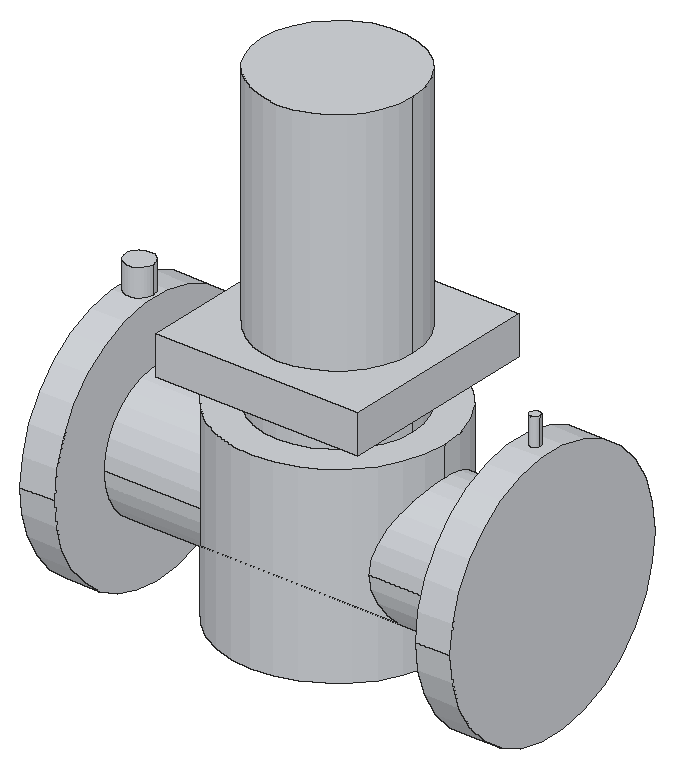
Revit family "PV_Compact_PN25_DN150_(20-100kPa)_RFA_2019", category Pipe Accessories, Revit 2019
Family settings
  Round Connector Dimension = Use Diameter
  Part Type = Valve - Breaks Into
  Work Plane-Based = No
  Always vertical = Yes
  Cut with Voids When Loaded = No
  Shared = No
Parameters (values of type "PV Compact PN25 DN150 (20-100kPa)")
  magiProductId = "9089b5560db447c5b770287446c8b2"
  magiProductFamilyId = "7c5767a2a396495b8f1e69654734b4"
  magiPartTypeId = 304
  isMeasuringValve [instance] = no
  ang2D [instance] = 0.00°
  W2D = 50 mm
  VersionID = "2.0/2018.12.13.2/FRESE_PV_COMPACT_BIG_Q13_001"
  Use Minimum Symbol Size [instance] = no
  URL = "www.hydronic.cz"
  Type Comments = "PŘÍRUBOVÝ; PN25; dpmax=1000kPa; -10~+110°C"
  R4 = 84 mm
  R3 = 74.1 mm
  R1 = 120 mm
  QmdConnectorList = "301;D;302;D"
  Productdata [instance] = ""
  Manufacturer = "Hydronic Systems Prague s.r.o."
  Maintenance Zone Under Depth [instance] = 100 mm
  Maintenance Zone Right Depth [instance] = 100 mm
  Maintenance Zone Over Depth [instance] = 100 mm
  Maintenance Zone Left Depth [instance] = 100 mm
  Maintenance Zone Front Depth [instance] = 100 mm
  Maintenance Zone Back Depth [instance] = 100 mm
  Maintenance Zone Front Visibility [instance] = no
  MC Use Limits From Balancing Method = no
  MC Throttling Minimum Value = 0
  MC Throttling Maximum Value = 0
  MC Product Code = "53-3335 DN150 PN25; nastavitelný rozsah dp=20~100kPa; Q=28,0~112 m3/h;  kvs=250"
  MC Pressure Drop Minimum Value = 0.0 Pa
  MC Pressure Drop Maximum Value = 0.0 Pa
  MC Piping Given Pressure Drop [instance] = 0.0 Pa
  LF__ve = -LF  # -38.4 mm
  LF2 = 19.2 mm
  LF = 38.4 mm
  L4 = 225.6 mm
  L3 = 403.2 mm
  L2D_Min = 30.48 mm
  L2D = 230 mm
  L2 = 240 mm
  H6 = 256.25 mm
  H4 = 42.75 mm
  H3 = 35.625 mm
  H2 = 106.875 mm
  H1 = 213.75 mm
  Description = "Nastavitelný regulátor tlakové diference"
  DF2 = 142.5 mm
  D = 150 mm
  Clearance Zone Height Depth [instance] = 100 mm
  Clearance Zone Circular Radius [instance] = 240 mm
  Clearance Zone Visibility [instance] = no
  CAT0 = yes
Types (7, lengths in mm): name | magiProductId | Type Comments | R4 | R3 | R1 | MC Product Code | LF__ve | LF2 | LF | L4 | L3 | L2 | H6 | H4 | H3 | H2 | H1 | DF2 | D | Clearance Zone Circular Radius
  PV Compact PN25 DN050 (20-100kPa) | "c83fbc6219d94d148ccf13b963e54b" | "PŘÍRUBOVÝ; PN25; dpmax=1000kPa; -10~+120°C" | 40.25 | 42.9 | 57.5 | "53-3320 DN050 PN25; nastavitelný rozsah dp=20~100kPa; Q=3,2~13,0 m3/h;  kvs=29" | -18.4 | 9.2 | 18.4 | 108.1 | 193.2 | 115 | 82.25 | 24.75 | 20.625 | 61.875 | 123.75 | 82.5 | 50 | 115
  PV Compact PN25 DN065 (20-100kPa) | "130d70b5f9404660882d0b277b908a" | "PŘÍRUBOVÝ; PN25; dpmax=1000kPa; -10~+120°C" | 50.75 | 48.1 | 72.5 | "53-3323 DN065 PN25; nastavitelný rozsah dp=20~100kPa; Q=4,7~18,8 m3/h;  kvs=42" | -23.2 | 11.6 | 23.2 | 136.3 | 243.6 | 145 | 105.25 | 27.75 | 23.125 | 69.375 | 138.75 | 92.5 | 65 | 145
  PV Compact PN25 DN080 (20-100kPa) | "a1826ed98cb744f2bf0249353d27a7" | "PŘÍRUBOVÝ; PN25; dpmax=1000kPa; -10~+120°C" | 54.25 | 52 | 77.5 | "53-3326 DN080 PN25; nastavitelný rozsah dp=20~100kPa; Q=7,5~30,0 m3/h;  kvs=67" | -24.8 | 12.4 | 24.8 | 145.7 | 260.4 | 155 | 141 | 30 | 25 | 75 | 150 | 100 | 80 | 155
  PV Compact PN25 DN100 (20-100kPa) | "7cf36ffc9d0642d6874cd3d421d477" | "PŘÍRUBOVÝ; PN25; dpmax=1000kPa; -10~+120°C" | 61.25 | 61.1 | 87.5 | "53-3329 DN100 PN25; nastavitelný rozsah dp=20~100kPa; Q=12,9~51,4 m3/h;  kvs=115" | -28 | 14 | 28 | 164.5 | 294 | 175 | 234.75 | 35.25 | 29.375 | 88.125 | 176.25 | 117.5 | 100 | 175
  PV Compact PN25 DN125 (20-100kPa) | "79fb1938054147a099bb761cc75d0a" | "PŘÍRUBOVÝ; PN25; dpmax=1000kPa; -10~+120°C" | 70 | 70.2 | 100 | "53-3332 DN125 PN25; nastavitelný rozsah dp=20~100kPa; Q=19,0~76,0 m3/h;  kvs=170" | -32 | 16 | 32 | 188 | 336 | 200 | 225.5 | 40.5 | 33.75 | 101.25 | 202.5 | 135 | 125 | 200
  PV Compact PN25 DN150 (20-100kPa) | "9089b5560db447c5b770287446c8b2" | "PŘÍRUBOVÝ; PN25; dpmax=1000kPa; -10~+110°C" | 84 | 74.1 | 120 | "53-3335 DN150 PN25; nastavitelný rozsah dp=20~100kPa; Q=28,0~112 m3/h;  kvs=250" | -38.4 | 19.2 | 38.4 | 225.6 | 403.2 | 240 | 256.25 | 42.75 | 35.625 | 106.875 | 213.75 | 142.5 | 150 | 240
  PV Compact PN25 DN200 (20-100kPa) | "21d4a96559b243fabb2a9fe74f4fa1" | "PŘÍRUBOVÝ; PN25; dpmax=1000kPa; -10~+110°C" | 105 | 98.8 | 150 | "53-3338 DN200 PN25; nastavitelný rozsah dp=20~100kPa; Q=30,7~123 m3/h;  kvs=275" | -48 | 24 | 48 | 282 | 504 | 300 | 150 | 57 | 47.5 | 142.5 | 285 | 190 | 200 | 300
Reference planes
  plane 1 "Center (Front/Back)": y = 0
  plane 2 "XYPLANE": z = 0
  plane 3 "Center (Left/Right)": x = 0
  plane 4 "257": y = -142.5
  plane 5 "256": y = 142.5
  plane 6 "255": z = -142.5
  plane 7 "254": y = -242.5
  plane 8 "253": y = 242.5
  plane 9 "252": x = -340
  plane 10 "251": x = 340
  plane 11 "250": z = 541.5
  plane 12 "249": z = -242.5
  plane 13 "248": z = 541.5
  plane 14 "247": z = 441.5
  plane 15 "157": x = 220.8
  plane 16 "156": x = -220.8
  plane 17 "155": z = 142.5
  plane 18 "154": z = 185.25
  plane 19 "153": z = 142.5
  plane 20 "152": z = 106.875
  plane 21 "151": x = -201.6
  plane 22 "150": z = -106.875
  plane 23 "149": x = 0
  plane 24 "148": y = 0
  plane 25 "147": z = 0
  plane 26 "146": x = -240
  plane 27 "145": x = 240
Forms (mm)
  Blend 1, solid, visible <- "Maintenance Zone Front Visibility"
    base sketch origin (-750, 0, -242.5) x (1, 0, 0) y (0, 1, 0)
      loop
        line (410, 242.5) -> (410, -242.5) -> (1090, -242.5) -> (1090, 242.5) -> (410, 242.5)
    top sketch origin (-750, 0, -242.5) x (1, 0, 0) y (0, 1, 0)
      loop
        line (410, 242.5) -> (410, -242.5) -> (1090, -242.5) -> (1090, 242.5) -> (410, 242.5)
    from 0 to 784
  Blend 2, solid, visible <- "Clearance Zone Visibility"
    base sketch origin (-750, 0, 0) x (1, 0, 0) y (0, 1, 0)
      loop
        circle (750, 0) r 240
    top sketch origin (-750, 0, 0) x (1, 0, 0) y (0, 1, 0)
      loop
        circle (750, 0) r 240
    from 0 to 541.5
  Extrusion 3, solid, visible <- "CAT0"
    sketch origin (-750, 0, 142.5) x (1, 0, 0) y (0, 1, 0)
      loop
        circle (970.8, 0) r 5.5
    from 0 to 30
  Extrusion 4, solid, visible <- "CAT0"
    sketch origin (-750, 0, 142.5) x (1, 0, 0) y (0, 1, 0)
      loop
        circle (529.2, 0) r 15.5
    from 0 to 30
  Extrusion 5, solid
    sketch origin (-750, 0, 185.25) x (1, 0, 0) y (0, 1, 0)
      loop
        circle (750, 0) r 84
    from 0 to 256.25 <- "H6"
  Extrusion 6, solid, visible <- "CAT0"
    sketch origin (-750, 0, 142.5) x (1, 0, 0) y (0, 1, 0)
      loop
        line (862.8, 112.8) -> (637.2, 112.8) -> (637.2, -112.8) -> (862.8, -112.8) -> (862.8, 112.8)
    from 0 to 42.75 <- "H4"
  Extrusion 7, solid, visible <- "CAT0"
    sketch origin (-750, 0, 106.875) x (1, 0, 0) y (0, 1, 0)
      loop
        circle (750, 0) r 84
    from 0 to 35.625 <- "H3"
  Extrusion 8, solid, visible <- "CAT0"
    sketch origin (-201.6, -750, 0) x (0, 1, 0) y (0, 0, 1)
      loop
        circle (750, 0) r 74.1
    from 0 to 403.2 <- "L3"
  Extrusion 9, solid, visible <- "CAT0"
    sketch origin (-750, 0, -106.875) x (1, 0, 0) y (0, 1, 0)
      loop
        circle (750, 0) r 120
    from 0 to 213.75 <- "H1"
  Extrusion 10, solid, visible <- "CAT0"
    sketch origin (-240, -750, 0) x (0, 1, 0) y (0, 0, 1)
      loop
        circle (750, 0) r 142.5
    from 0 to 38.4 <- "LF"
  Extrusion 11, solid, visible <- "CAT0"
    sketch origin (240, -750, 0) x (0, 1, 0) y (0, 0, 1)
      loop
        circle (750, 0) r 142.5
    from 0 to -38.4 <- "LF__ve"
  Extrusion 12, solid, not visible
    sketch origin (-240, -750, 0) x (0, 1, 0) y (0, 0, 1)
      loop
        circle (750, 0) r 10
    from 0 to 10
  Extrusion 13, solid, not visible
    sketch origin (240, -750, 0) x (0, 1, 0) y (0, 0, 1)
      loop
        circle (750, 0) r 10
    from 0 to -10
Lines and regions (mm)
  reference lines, not visible
    curve 1: circle (2, 2, 0) r 1 normal (0, 0, 1)
  reference lines
    curve 2: circle (0, 0, 142.5) r 1 normal (0, 0, 1)
Dimensions and locks
  plane 1 "Center (Front/Back)" to curve 1 = 2 mm
  "DF2": plane 24 "148" to plane 4 "257"
  "DF2": plane 24 "148" to plane 5 "256"
  "DF2": plane 25 "147" to plane 6 "255"
  "Maintenance Zone Front Depth": plane 4 "257" to plane 7 "254"
  "Maintenance Zone Back Depth": plane 5 "256" to plane 8 "253"
  "Maintenance Zone Left Depth": plane 26 "146" to plane 9 "252"
  "Maintenance Zone Right Depth": plane 27 "145" to plane 10 "251"
  "Maintenance Zone Over Depth": plane 14 "247" to plane 11 "250"
  "Maintenance Zone Under Depth": plane 6 "255" to plane 12 "249"
  "Clearance Zone Height Depth": plane 14 "247" to plane 13 "248"
  "H6": plane 18 "154" to plane 14 "247"
  "LF2": plane 27 "145" to plane 15 "157"
  "LF2": plane 26 "146" to plane 16 "156"
  "DF2": plane 2 "XYPLANE" to plane 17 "155"
  "H4": plane 19 "153" to plane 18 "154"
  "H3": plane 20 "152" to plane 19 "153"
  "H1": plane 22 "150" to plane 20 "152"
  "LF": plane 26 "146" to plane 21 "151"
  "H2": plane 2 "XYPLANE" to plane 22 "150"
  locked: plane 3 "Center (Left/Right)" to plane 23 "149"
  locked: plane 1 "Center (Front/Back)" to plane 24 "148"
  locked: plane 2 "XYPLANE" to plane 25 "147"
  "L2": plane 3 "Center (Left/Right)" to plane 26 "146"
  "L2": plane 3 "Center (Left/Right)" to plane 27 "145"
  Blend 1 sketch curve to Blend 1 sketch curve = 0 mm  (x16)
  equal spacing: Extrusion 6 sketch curve, curve 2, Extrusion 6 sketch curve  (x2)
  "L4": Extrusion 6 sketch curve to Extrusion 6 sketch curve  (x2)
  Extrusion 6 sketch curve to Extrusion 6 sketch curve = 0 mm  (x8)
  "Clearance Zone Circular Radius": radius of Blend 2 sketch curve  (x2)
  "R4": radius of Extrusion 5 sketch curve
  "R4": radius of Extrusion 7 sketch curve
  "R3": radius of Extrusion 8 sketch curve
  "R1": radius of Extrusion 9 sketch curve
  "DF2": radius of Extrusion 10 sketch curve
  "DF2": radius of Extrusion 11 sketch curve
  aligned and locked: level to plane 2 "XYPLANE"
  aligned and locked: Blend 1 sketch curve to plane 8 "253"  (x2)
  aligned and locked: plane 9 "252" to Blend 1 sketch curve  (x4)
  aligned and locked: plane 10 "251" to Blend 1 sketch curve  (x4)
  aligned and locked: plane 8 "253" to Blend 1 sketch curve  (x2)
  aligned and locked: plane 7 "254" to Blend 1 sketch curve  (x4)
  aligned and locked: plane 11 "250" to Blend 1
  aligned and locked: plane 23 "149" to Blend 2 sketch curve  (x2)
  aligned and locked: plane 24 "148" to Blend 2 sketch curve  (x2)
  aligned and locked: plane 13 "248" to Blend 2
  aligned and locked: plane 15 "157" to Extrusion 3 sketch curve
  aligned and locked: plane 24 "148" to Extrusion 3 sketch curve
  aligned and locked: plane 16 "156" to Extrusion 4 sketch curve
  aligned and locked: plane 24 "148" to Extrusion 4 sketch curve
  aligned and locked: plane 23 "149" to Extrusion 5 sketch curve
  aligned and locked: plane 24 "148" to Extrusion 5 sketch curve
  aligned and locked: plane 23 "149" to curve 2
  aligned and locked: plane 24 "148" to curve 2
  aligned and locked: plane 23 "149" to Extrusion 7 sketch curve
  aligned and locked: plane 24 "148" to Extrusion 7 sketch curve
  aligned and locked: Extrusion 8 sketch curve to plane 24 "148"
  aligned and locked: plane 25 "147" to Extrusion 8 sketch curve
  aligned and locked: plane 23 "149" to Extrusion 9 sketch curve
  aligned and locked: plane 24 "148" to Extrusion 9 sketch curve
  aligned and locked: Extrusion 10 sketch curve to plane 24 "148"
  aligned and locked: plane 25 "147" to Extrusion 10 sketch curve
  aligned and locked: Extrusion 11 sketch curve to plane 24 "148"
  aligned and locked: plane 25 "147" to Extrusion 11 sketch curve
  aligned and locked: Extrusion 12 sketch curve to plane 24 "148"
  aligned and locked: plane 25 "147" to Extrusion 12 sketch curve
  aligned and locked: Extrusion 13 sketch curve to plane 24 "148"
  aligned and locked: plane 25 "147" to Extrusion 13 sketch curve
Automatic sketch dimensions
  Extrusion 3 sketch curve to plane 15 "157" = 5.5 mm
  plane 26 "146" to Extrusion 4 sketch curve = 3.7 mm
  plane 1 "Center (Front/Back)" to Extrusion 12 sketch curve = 10 mm
  plane 1 "Center (Front/Back)" to Extrusion 13 sketch curve = 10 mm
  plane 3 "Center (Left/Right)" to curve 1 = 2 mm
  plane 21 "151" to Extrusion 6 sketch curve = 88.8 mm
  plane 4 "257" to Extrusion 6 sketch curve = 29.7 mm
  radius of curve 2 = 1 mm
  radius of curve 1 = 1 mm
Connectors
  piping at (-240, 0, 0), diameter 150, driven by "D"
    settings: on Extrusion 12, index 1, connector inside diameter 609.6 mm, connector length 0 mm, flow factor 0, pipe flow 0.0 L/s, pressure drop 0.0 Pa, fitting loss kfactor 0, connector angle 0.00°, fixture units 0, engagement length 0 mm, angle of deflection 0.00°, flow configuration 0, flow direction 0, fitting loss method 0, system type 29, joint type 0, gender type 0, connector reference index 2, connector utility 0, adjustable connector no, is connector primary yes, connector description ""
  piping at (240, 0, 0), diameter 150, driven by "D"
    settings: on Extrusion 13, index 2, connector inside diameter 609.6 mm, connector length 0 mm, flow factor 0, pipe flow 0.0 L/s, pressure drop 0.0 Pa, fitting loss kfactor 0, connector angle 0.00°, fixture units 0, engagement length 0 mm, angle of deflection 0.00°, flow configuration 0, flow direction 0, fitting loss method 0, system type 29, joint type 0, gender type 0, connector reference index 1, connector utility 0, adjustable connector no, is connector primary no, connector description ""
